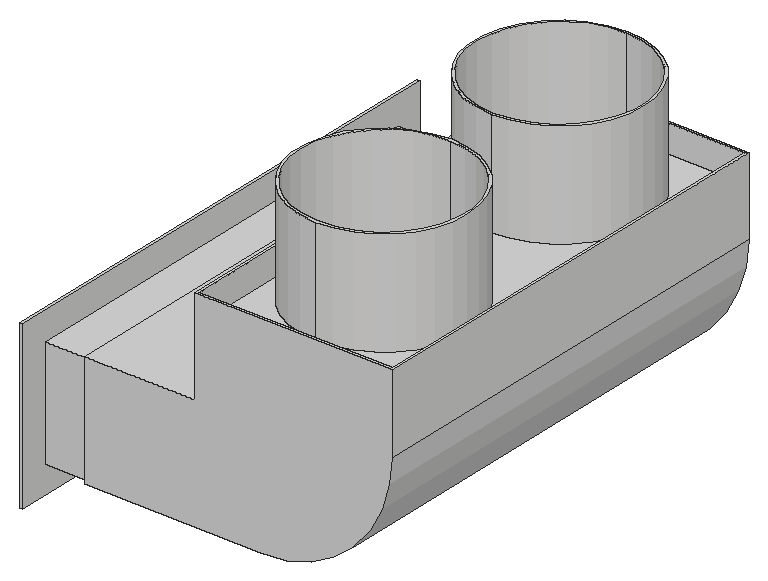
Revit family "CADS_AIRFLOWdev_AirflexPro_Round_90DegWallOutlet_Supply", category Duct Fittings, Revit 2015
Parameters (values of type "CADS_AIRFLOWdev_AirflexPro_Round_90DegWallOutlet_Supply")
  f2 [instance] = Flow - f1  # 0.0 L/s
  f1 [instance] = 0.0 L/s
  WorkingPressure = 3000.0 Pa
  WeeklyMaintenance = "N/A"
  WarrantyStartDate [instance] = "1900-12-31T23:59:164"
  WarrantyPeriod = "0"
  WarrantyIdentifier = "N/A"
  WarrantyGuarantorParts = "info@airflow.com"
  WarrantyGuarantorLabor = "info@airflow.com"
  WarrantyGuarantor = "Airflow Developments Ltd"
  WarrantyEndDate [instance] = "1900-12-31T23:59:164"
  WarrantyContent = "N/A"
  Uniclass2015 = "Pr_30_59_96_92:Ventilation ducts"
  URL = ""
  Type Comments = ""
  TemperatureRange = "up to 40°C"
  TagNumber [instance] = "N/A"
  SustainabilityPerformance = "N/A"
  Status = "New"
  Size = "240-280 x 210 x 140"
  ShippingWeight = 1.08 kg
  Shape = "Rectangular"
  ServiceLifeType = "EXPECTEDSERVICELIFE"
  ServiceLifeDuration = "10"
  SerialNumber [instance] = "N/A"
  SAPApproval = yes
  RunID [instance] = "0"  # constant formula
  ReplacementCost = "79.104"
  Reinforcement = "N/A"
  RedDotDesignAward = no
  QuarterlyMaintenance = "N/A"
  Quantity = 1
  ProductionYear = "2017"
  ProductLiterature = "https://www.airflow.com/pdf/Accessories.pdf#page=3"
  PointOfContact = "Airflow Developments Ltd"
  PassiveHouseApproval = no
  NominalWidth = 210 mm
  NominalLength = 280 mm
  NominalHeight = 140 mm
  NBSCode = "45-80-50/394 Ventilation ducts"
  MonthlyMaintenance = "N/A"
  ModelReference [instance] = "9041144"
  ModelLabel [instance] = "90o wall-outlet 200 x 50mm. For use with 9041175"
  Model = ""
  Material = "Steel"
  ManufacturerWebsite = "www.airflow.com"
  ManufacturerTelephone = "01494 525252"
  ManufacturerE-Mail = "info@airflow.com"
  ManufacturerAddress = "Aidelle House\nLancaster Road\nCressex Business Park\nHigh Wycombe\nBucks\nHP123QP"
  Manufacturer = "Airflow Developments Ltd"
  MaintenanceRequired8001to12000hrs = "N/A"
  MaintenanceRequired601to1000hrs = "N/A"
  MaintenanceRequired4001to8000hrs = "N/A"
  MaintenanceRequired301to600hrs = "N/A"
  MaintenanceRequired2001to4000hrs = "N/A"
  MaintenanceRequired1001to2000hrs = "N/A"
  MaintenanceRequired0to300hrs = "N/A"
  LongitudinalSeam = "None"
  Keynote = ""
  IsExtendedWarranty = no
  InstallationDate [instance] = "1900-12-31T23:59:164"
  ISO90001 = yes
  ISO140001 = yes
  GrossWeight = 0.90 kg
  Grade = "Stainless"
  GlobalTradeItemNumber [instance] = "5019009305783"
  Flow [instance] = 0.0 L/s
  Fitting Type = "Ignore"
  FireControlPanelLinks = no
  Finish = "Lacquer"
  Features = "90o wall-outlet 200 x 50mm. For use with 9041175"
  ExpectedServiceLife = 10
  Exclusions = "N/A"
  DurationUnit = "Year"
  DailyMaintenance = "N/A"
  Constituents = "90o wall-outlet 200 x 50mm. For use with 9041175"
  Color = "Silver"
  CodePerformance = "N/A"
  CEApproval = yes
  CADS_Index = 0
  BespokeTimeFrameMaintenance = "N/A"
  AssetType = "FIXED"
  AssetIdentifier [instance] = "N/A"
  AssemblyPlace = "UNKNOWN"
  ArticleNumber [instance] = "N/A"
  AnnualMaintenance = "N/A"
  AirflowRateRange = 18.0 L/s
  AdjustCheck [instance] = if(AdjustableLength > 100 mm, 100 mm, AdjustableLength)  # 20 mm
  AdjustableLength [instance] = 20 mm
  Body = CADS_AIRFLOWdev_SteelGalvanized
  AccessibilityPerformance = "N/A"
  6MonthlyMaintenance = "Visually inspect system, clean the fan and ducting if necessary"
Types (2, lengths in mm): name | RedDotDesignAward | PassiveHouseApproval | NominalWidth | NominalLength | NominalHeight | IsExtendedWarranty | FireControlPanelLinks
  (no name) | yes | yes | 0 | 0 | 0 | yes | yes
  CADS_AIRFLOWdev_AirflexPro_Round_90DegWallOutlet_Supply | no | no | 210 | 280 | 140 | no | no
Values of the unnamed type that differ from the named types
  WorkingPressure = 0.0 Pa
  WeeklyMaintenance = ""
  WarrantyStartDate = ""
  WarrantyPeriod = ""
  WarrantyIdentifier = ""
  WarrantyGuarantorParts = ""
  WarrantyGuarantorLabor = ""
  WarrantyGuarantor = ""
  WarrantyEndDate = ""
  WarrantyContent = ""
  Uniclass2015 = ""
  TemperatureRange = ""
  TagNumber = ""
  SustainabilityPerformance = ""
  Status = ""
  Size = ""
  ShippingWeight = 0.00 kg
  Shape = ""
  ServiceLifeType = ""
  ServiceLifeDuration = ""
  SerialNumber = ""
  ReplacementCost = ""
  Reinforcement = ""
  QuarterlyMaintenance = ""
  Quantity = 0
  ProductionYear = ""
  ProductLiterature = ""
  PointOfContact = ""
  NBSCode = ""
  MonthlyMaintenance = ""
  ModelReference = ""
  ModelLabel = ""
  Material = ""
  ManufacturerWebsite = ""
  ManufacturerTelephone = ""
  ManufacturerE-Mail = ""
  ManufacturerAddress = ""
  MaintenanceRequired8001to12000hrs = ""
  MaintenanceRequired601to1000hrs = ""
  MaintenanceRequired4001to8000hrs = ""
  MaintenanceRequired301to600hrs = ""
  MaintenanceRequired2001to4000hrs = ""
  MaintenanceRequired1001to2000hrs = ""
  MaintenanceRequired0to300hrs = ""
  LongitudinalSeam = ""
  InstallationDate = ""
  GrossWeight = 0.00 kg
  Grade = ""
  GlobalTradeItemNumber = ""
  Fitting Type = ""
  Finish = ""
  Features = ""
  ExpectedServiceLife = 0
  Exclusions = ""
  DurationUnit = ""
  DailyMaintenance = ""
  Constituents = ""
  Color = ""
  CodePerformance = ""
  BespokeTimeFrameMaintenance = ""
  AssetType = ""
  AssetIdentifier = ""
  AssemblyPlace = ""
  ArticleNumber = ""
  AnnualMaintenance = ""
  AirflowRateRange = 0.0 L/s
  AccessibilityPerformance = ""
  6MonthlyMaintenance = ""
Reference planes
  plane 1 "Center (Front/Back)": y = 0
  plane 2: z = 0
  plane 3 "Center (Left/Right)": x = 1.5
  plane 4: x = 71.5
  plane 5: x = 21.5
  plane 6: z = 56.87
  plane 7: z = -26
  plane 8: z = 26
  plane 9: z = 69.57
  plane 10: x = 116.5
  plane 11: y = 50
  plane 12: y = -50
Forms (mm)
  Sweep 1, solid, material "CADS_AIRFLOWdev_SteelGalvanized" <- "Body"
    path origin (1.5, 0, 0) x (0, -1, 0) y (0, 0, -1)
      loop
        line (-100, -25) -> (100, -25) -> (100, 25) -> (-100, 25) -> (-100, -25)
    profile origin (1.5, 0, 25) x (0, 0, -1) y (1, 0, 0)
      loop
        line (-12.7, 0) -> (1, 0) -> (1, 70) -> (0, 70) -> (0, 1.082) -> (-12.7, 1.082) -> (-12.7, 0)
  Extrusion 2, solid, material "CADS_AIRFLOWdev_SteelGalvanized" <- "Body"
    sketch origin (0, 0, 0) x (1, 0, 0) y (0, 0, 1)
      loop
        line (21.5, 26) -> (21.5, -26) -> (101.5, -26)
        arc (101.5, -26) -> (143.926, -8.426) -> (161.5, 34) r 60
        line (161.5, 34) -> (161.5, 69.57) -> (71.5, 69.57) -> (71.5, 26) -> (21.5, 26)
    from -101 to 101
  Extrusion 3, void
    sketch origin (71.5, 0, 69.57) x (1, 0, 0) y (0, 1, 0)
      loop
        line (89, 100) -> (1, 100) -> (1, -100) -> (89, -100) -> (89, 100)
    from 0 to -12.7
  Extrusion 4, solid, material "CADS_AIRFLOWdev_SteelGalvanized" <- "Body"
    sketch origin (1.5, 159.5, 60.5) x (0, -1, 0) y (1, 0, 0)
      loop
        circle (109.5, 115) r 37.5
      loop
        circle (209.5, 115) r 37.5
      loop
        circle (109.5, 115) r 38.5
      loop
        circle (209.5, 115) r 38.5
    from 0 to 48
Cuts and joins
  Extrusion 3 cuts Extrusion 2
  joined: Extrusion 2, Extrusion 4
Dimensions and locks
  locked: plane 4 to plane 5 at 50
  "AdjustCheck": plane 3 "Center (Left/Right)" to plane 5
  locked: cut or joined group of Extrusion 2, Extrusion 3, Extrusion 4 to cut or joined group of Extrusion 2, Extrusion 3, Extrusion 4 at 90
  locked: plane 4 to plane 10 at 45
  aligned and locked: level to plane 2
  aligned and locked: plane 4 to Sweep 1 sketch curve
  aligned and locked: plane 7 to Extrusion 2 sketch curve
  aligned and locked: plane 5 to Extrusion 2 sketch curve
Automatic sketch dimensions
  plane 7 to Sweep 1 sketch curve = 1 mm
  Sweep 1 sketch curve to plane 1 "Center (Front/Back)" = 100 mm
  plane 1 "Center (Front/Back)" to Sweep 1 sketch curve = 100 mm
  Sweep 1 sketch curve to plane 8 = 1 mm
  Sweep 1 sketch curve to profile plane = 0 mm  (x2)
  profile plane to Sweep 1 sketch curve = 12.7 mm
  Sweep 1 sketch curve to profile plane = 1 mm
  profile plane to Sweep 1 sketch curve = 1.082 mm
  Extrusion 2 sketch curve to plane 4 = 0 mm
  Extrusion 2 sketch curve to plane 9 = 0 mm
  Extrusion 2 sketch curve to plane 8 = 0 mm
  plane 4 to Extrusion 2 sketch curve = 30 mm
  Extrusion 2 sketch curve to Extrusion 2 sketch curve = 60 mm
  Extrusion 3 sketch curve to Extrusion 2 = 1 mm
  Extrusion 2 to Extrusion 3 sketch curve = 1 mm  (x3)
  Extrusion 4 sketch curve to plane 10 = 0 mm  (x2)
  Extrusion 4 sketch curve to plane 11 = 0 mm
  Extrusion 4 sketch curve to plane 12 = 0 mm
  radius of Extrusion 4 sketch curve = 37.5 mm  (x2)
Connectors
  hvac at (1.5, 0, 0), driven by "Flow"
    settings: on Sweep 1, index 3, duct flow 0.0 L/s, flow factor 0, pres drop 0.0 Pa, loss coef 0, conn angle 0.00°, conn width 204 mm, conn height 60 mm, conn diameter 609.6 mm, duct sys type 1, conn prof type 1, flow config 0, flow direction 2, loss method 0, conn ref index -1, conn util no, is conn primary yes, conn desc ""
  hvac at (116.5, 50, 60.5), driven by "f1"
    settings: on cut or joined group of Extrusion 2, Extrusion 3, Extrusion 4, index 4, duct flow 0.0 L/s, flow factor 0, pres drop 0.0 Pa, loss coef 0, conn angle 0.00°, conn width 304.8 mm, conn height 304.8 mm, conn diameter 75 mm, duct sys type 1, conn prof type 0, flow config 0, flow direction 1, loss method 0, conn ref index -1, conn util no, is conn primary no, conn desc ""
  hvac at (116.5, -50, 60.5), driven by "f2"
    settings: on cut or joined group of Extrusion 2, Extrusion 3, Extrusion 4, index 5, duct flow 0.0 L/s, flow factor 0, pres drop 0.0 Pa, loss coef 0, conn angle 0.00°, conn width 304.8 mm, conn height 304.8 mm, conn diameter 75 mm, duct sys type 1, conn prof type 0, flow config 0, flow direction 1, loss method 0, conn ref index -1, conn util no, is conn primary no, conn desc ""
